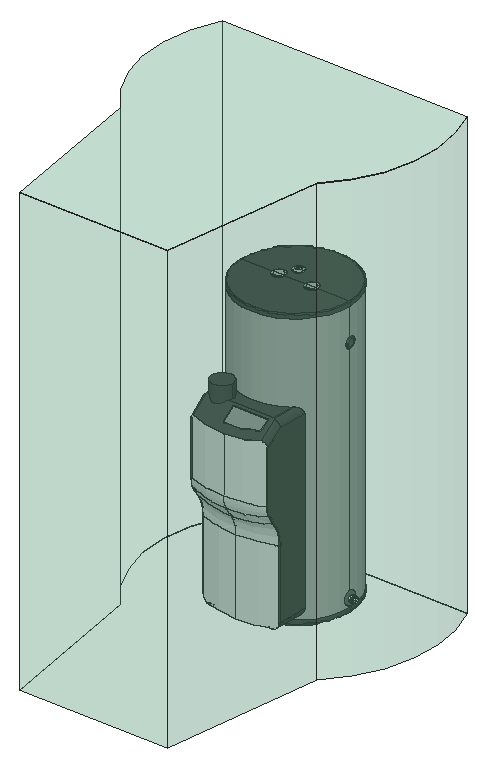
Revit family "Innovo BEFR_IR 12 200 BEFR LP", category Mechanical Equipment, Revit 2015
Parameters (values of type "IR-12-200 BEFR LP")
  largeur d'emballage = 786 mm  # constant formula
  l'Intervalle d'Entretien = "12 mois"  # constant formula
  Workspace Radius = Diameter + 170 mm  # 845 mm
  Workspace Height = Hauteur + 1000 mm  # 2745 mm
  Workspace Front Distance = 1000 mm
  Workspace [instance] = yes
  Valve Height 02 = if(and(Hauteur = 1745 mm, Diameter = 675 mm), 1518 mm, if(and(Hauteur = 1745 mm, Diameter = 610 mm), 1534 mm, if(Hauteur = 1545 mm, 1328 mm, 1070 mm)))  # 1518 mm
  Valve Height 01 = if(and(Diameter > 560 mm), 693 mm, 604 mm)  # 693 mm
  Valeur Maximale du Thermostat de Régulation = 85 °C  # constant formula
  Valeur Manimale du Thermostat de Régulation = 40 °C  # constant formula
  Valeur Défaut du Thermostat de Régulation = 65 °C  # constant formula
  URL = "www.aosmith.be"
  Type d'Installation = "B23/C13/C33/C43/C53/C63"  # constant formula
  Type d'emballage = "Carton et bois"  # constant formula
  Tension d'Alimentation (-15%, +10%) = 230 V  # constant formula
  Température Maximale des Fumées = 65 °C
  Temps de réchauffement à ΔT = 70°C = "50"
  Temps de réchauffement à ΔT = 55°C = "39"
  Temps de réchauffement à ΔT = 50°C = "36"
  Temps de réchauffement à ΔT = 44°C = "31"
  Temps de réchauffement à ΔT = 28°C = "20"
  Spécifications du Produit = ""
  Réglages du thermostat du chauffe-eau = 65 °C  # constant formula
  Réglage Standard Pour = "G20/G25"
  Rendement Saisonnier (Hs) = [Rendement (Hs, acc. NEN-EN 89 - 1999)]  # 97
  Rendement (Hs, acc. NEN-EN 89 - 1999) = 97
  Rendement (Hi, acc. NEN-EN 89 - 1999) = 108
  Raccord Évacuation de la Condensation = 40 mm  # constant formula
  Raccord de la Soupape de Vidange = 1"
  Raccord de Sortie d'Eau Chaude = 1"
  Raccord de Gaz = 15"  # constant formula
  Raccord d'Alimentation en Eau Froide = 3/4"  # constant formula
  Raccord Robinet de Vidange = 3/4"  # constant formula
  Puissance Électrique Absorbée (sommet) = 105 W
  Puissance Électrique Absorbée (nominal) = 85 W
  Profondeur d'emballage = 946 mm  # constant formula
  Profondeur = 780 mm  # constant formula
  Profils de soutirage déclaré = "XXL"
  Production Nominale = "31300.0/26000.0"
  Pression de Fonctionnement Maximale = 800000.0 Pa  # constant formula
  Pression Différentielle d'Ouverture de l'Interrupteur de Pression < = 210.0 Pa
  Pression Amont de Gaz = "2000/2500 Pa"
  Precaustions during assembling, installation or maintenance = "voir Manuel d'installation, d'emploi er d'entretien"  # constant formula
  Poids à vide = 155 kg
  Poids de Transport = 172 kg
  Phase = 1
  Pertes en Veille - tous les jours (24h) = 0 W
  Pertes en Veille = 0 W
  Nombre de modèle du produit (EAN) = "8717449286378"
  Niveau du Son dB (A) = "<45"  # constant formula
  Niveau de puissance acoustique à l'intérieur = "58 dB"
  NOx-émissions mg/kWh = "37.0/27.0"
  NOx-émissions (ven air, 0% O2) ppm = "24.0/17.0"
  Modèdele = "IR-32-380"
  Model = "IR-32-380 FR NAT"
  Marque commerciale = "A.O. Smith"  # constant formula
  Manufacturer = "A.O. Smith Water Products Company b.v."  # constant formula
  Largeur = Diameter  # 675 mm
  La commande intelligente = no
  L'efficacité énergétique pour le chauffage de l'eau (2) = "92%"
  L'efficacité énergétique pour le chauffage de l'eau (1) = "90%"
  Hauteur du Raccordement au Gaz = 905 mm
  Hauteur de la Sortie d'eau Chaude = 1745 mm
  Hauteur de l'Alimentation en eau Froide = 170 mm
  Hauteur d'emballage = 1895 mm
  Hauteur Conduit d'Évacuation des Fumées = 1350 mm
  Hauteur Conduit d'Alimentation en Air = 1350 mm
  Hauteur = 1745 mm
  Guide de Produit = ""
  Garantie sur la Cuve = "36 mois"  # constant formula
  Garantie Pièces = "12 mois"  # constant formula
  Fréquence secteur = 50 Hz  # constant formula
  Forctionner qu'en heures creuses = no
  Fabricant No. = "E 7110"  # constant formula
  Epaisseur d'Isolation = 44 mm
  Débit de vidage à ΔT = 70°C après 90 min. = 840.0 L
  Débit de vidage à ΔT = 70°C après 60 min. = 650.0 L
  Débit de vidage à ΔT = 70°C après 30 min. = 460.0 L
  Débit de vidage à ΔT = 70°C après 120 min. = 1100.0 L
  Débit de vidage à ΔT = 55°C après 90 min. = 1100.0 L
  Débit de vidage à ΔT = 55°C après 60 min. = 860.0 L
  Débit de vidage à ΔT = 55°C après 30 min. = 610.0 L
  Débit de vidage à ΔT = 55°C après 120 min. = 1400.0 L
  Débit de vidage à ΔT = 50°C après 90 min. = 1300.0 L
  Débit de vidage à ΔT = 50°C après 60 min. = 950.0 L
  Débit de vidage à ΔT = 50°C après 30 min. = 680.0 L
  Débit de vidage à ΔT = 50°C après 120 min. = 1500.0 L
  Débit de vidage à ΔT = 44°C après 90 min. = 1400.0 L
  Débit de vidage à ΔT = 44°C après 60 min. = 1100.0 L
  Débit de vidage à ΔT = 44°C après 30 min. = 790.0 L
  Débit de vidage à ΔT = 44°C après 120 min. = 1800.0 L
  Débit de vidage à ΔT = 28°C après 90 min. = 2300.0 L
  Débit de vidage à ΔT = 28°C après 60 min. = 1800.0 L
  Débit de vidage à ΔT = 28°C après 30 min. = 1300.0 L
  Débit de vidage à ΔT = 28°C après 120 min. = 2800.0 L
  Débit de vidage en Continu à ΔT = 70°C = 380.0 L/s
  Débit de vidage en Continu à ΔT = 55°C = 480.0 L/s
  Débit de vidage en Continu à ΔT = 50°C = 530.0 L/s
  Débit de vidage en Continu à ΔT = 44°C = 600.0 L/s
  Débit de vidage en Continu à ΔT = 28°C = 960.0 L/s
  Diamètre Cheminée - Système Parallèle = "2x80"  # constant formula
  Diamètre Cheminée - Système Concentrique = "80/125 mm/mm"  # constant formula
  Diamètre Cheminée - Boiler = "80/125 mm/mm"  # constant formula
  Diameter = 675 mm
  Destination / Country = "Belgique"  # constant formula
  Description = "Préparateur ECS Solaire en Combinaison avec Réservoir de Stockage"  # constant formula
  D'autres profils de soutirage = "3XL"
  Created By = "http://www.cadcompany.nl/"
  Consommation de Gaz - Volume ltr/hr = "3.10/3.00"
  Consommation de Gaz - Masse kg/h = "a/p"
  Class d'efficacité énergétique (2) = "-"
  Class d'efficacité énergétique (1) = "A"  # constant formula
  Charge Nominale (Valeur Supérieure) = "32200.0/26800.0"
  Charge Nominale (Valeur Inférieure) = "29000.0/24100.0"
  Charge Maximale au Sol = 552 kg
  Catégorie de Gaz = "I2E(S)B"
  Capacité = 380.0 L
  CO2 Émissions (tol. +/- 1.0) vol% = "9.3/7.5"
  CE-PIN = "0063CQ3037"  # constant formula
  BIM Content Developer = "CAD & Company"  # constant formula
  Assembly Code = "D3010"
  Annual fuel consumption (2) = "40 GJ GCV"
  Annual fuel consumption (1) = "21 GJ GCV"
  Annual electricity consumption (2) = "92 kWh"
  Annual electricity consumption (1) = "45 kWh"
  2ème Entretien (Entretien Général) = "12 mois après l'installation"  # constant formula
  1er Entretien (check-up) = "3 mois après l'installation"  # constant formula
Reference planes
  plane 1 "Center (Front/Back)": y = 0
  plane 2: z = 0
  plane 3 "Center (Left/Right)": x = 0
  plane 4 "Pipe": through (-383.901, 912.349, 194.799) normal (-0.0879, -0.0879, 0.9923)
  plane 5 "footing": y = 118.925
  plane 6 "footing front": y = -237.85
  plane 7: x = -337.5
  plane 8: x = 337.5
  plane 9: z = 1745
Forms (mm)
  Revolve 1, solid, material "RAL 9005", detail levels medium+fine
    sketch origin (0, -237.85, 0) x (-1, 0, 0) y (0, 0, 1)
      loop
        line (0, 28.9) -> (-15, 28.9) -> (-15, 26.4) -> (-8.671, 26.4) -> (-8.671, 18) -> (-5.686, 18) -> (-6.626, 17.06) -> (-6.626, 12.06) -> (-8.671, 12.06) -> (-8.671, 10) -> (-10.031, 10) -> (-23.271, 5.181)
        arc (-23.271, 5.181) -> (-23.763, 4.836) -> (-24.017, 4.293) r 1.159
        line (-24.017, 4.293) -> (-24.017, 1.03)
        arc (-24.017, 1.03) -> (-23.715, 0.302) -> (-22.986, 0) r 1.03
        line (-22.986, 0) -> (0, 0) -> (0, 28.9)
      axis (0, 28.9) -> (0, 0)
    angle from 0 to 360
  Revolve 2, solid, material "RAL 9005", detail levels medium+fine
    sketch origin (0, 118.925, 0) x (-1, 0, 0) y (0, 0, 1)
      loop
        line (-238.484, 28.9) -> (-253.484, 28.9) -> (-253.484, 26.4) -> (-247.155, 26.4) -> (-247.155, 18) -> (-244.17, 18) -> (-245.11, 17.06) -> (-245.11, 12.06) -> (-247.155, 12.06) -> (-247.155, 10) -> (-248.515, 10) -> (-261.756, 5.181)
        arc (-261.756, 5.181) -> (-262.247, 4.836) -> (-262.501, 4.293) r 1.159
        line (-262.501, 4.293) -> (-262.501, 1.03)
        arc (-262.501, 1.03) -> (-262.199, 0.302) -> (-261.471, 0) r 1.03
        line (-261.471, 0) -> (-238.484, 0) -> (-238.484, 28.9)
      axis (-238.484, 28.9) -> (-238.484, 0)
    angle from 0 to 360
  Revolve 3, solid, material "RAL 9005", detail levels medium+fine
    sketch origin (0, 118.925, 0) x (-1, 0, 0) y (0, 0, 1)
      loop
        line (236.516, 28.9) -> (221.516, 28.9) -> (221.516, 26.4) -> (227.845, 26.4) -> (227.845, 18) -> (230.83, 18) -> (229.89, 17.06) -> (229.89, 12.06) -> (227.845, 12.06) -> (227.845, 10) -> (226.485, 10) -> (213.244, 5.181)
        arc (213.244, 5.181) -> (212.753, 4.836) -> (212.499, 4.293) r 1.159
        line (212.499, 4.293) -> (212.499, 1.03)
        arc (212.499, 1.03) -> (212.801, 0.302) -> (213.529, 0) r 1.03
        line (213.529, 0) -> (236.516, 0) -> (236.516, 28.9)
      axis (236.516, 28.9) -> (236.516, 0)
    angle from 0 to 360
Lines and regions (mm)
  symbolic lines
    curve 1: line (0, 280.06, 0) -> (0, -280.06, 0)
    curve 2: line (-312.56, 0, 0) -> (312.56, 0, 0)
  symbolic lines, style "Workspace"
    curve 3: line (754.705, 380.06, 0) -> (-754.705, 380.06, 0)
    curve 4: arc (-754.705, 380.06, 0) -> (-842.687, -62.476, 0) -> (-690.406, -487.2, 0) r 845
    curve 5: line (-690.406, -487.2, 0) -> (-454.283, -1552.825, 0)
    curve 6: line (-454.283, -1552.825, 0) -> (456.53, -1552.825, 0)
    curve 7: line (456.53, -1552.825, 0) -> (692.083, -484.816, 0)
    curve 8: arc (692.083, -484.816, 0) -> (842.794, -61.023, 0) -> (754.705, 380.06, 0) r 845
Dimensions and locks
  plane 5 "footing" to plane 1 "Center (Front/Back)" = 118.925 mm
  plane 1 "Center (Front/Back)" to plane 6 "footing front" = 237.85 mm
  "Diameter": plane 7 to plane 8
  equal spacing: plane 7, plane 3 "Center (Left/Right)", plane 8
  "Hauteur": plane 9 to plane 2
  "Workspace Front Distance": curve 6 to nested 3
  "Workspace Radius": radius of curve 4
  "Workspace Radius": radius of curve 8
  aligned and locked: level to plane 2
  aligned and locked: nested 3 to Revolve 1 sketch curve
  aligned and locked: plane 3 "Center (Left/Right)" to Revolve 1 sketch curve
  aligned and locked: nested 3 to plane 1 "Center (Front/Back)"
  aligned and locked: plane 3 "Center (Left/Right)" to nested 3
  aligned and locked: nested 1 to plane 8
  aligned and locked: nested 5 to plane 8
  aligned and locked: nested 2 to plane 7
  aligned and locked: nested 4 to plane 7
  aligned and locked: nested 7 to plane 7
  aligned and locked: nested 8 to plane 3 "Center (Left/Right)"
  aligned and locked: plane 1 "Center (Front/Back)" to nested 8
  aligned and locked: nested 8 to nested 3
  aligned and locked: curve 3 to nested 8
Automatic sketch dimensions
  Revolve 1 sketch curve to level = 0 mm
  plane 3 "Center (Left/Right)" to Revolve 1 sketch curve = 5.686 mm
  Revolve 1 sketch curve to Revolve 1 sketch curve = 0.94 mm  (x2)
  Revolve 1 sketch curve to Revolve 1 sketch curve = 2.046 mm  (x2)
  Revolve 1 sketch curve to Revolve 1 sketch curve = 1.359 mm
  Revolve 1 sketch curve to Revolve 1 sketch curve = 6.329 mm
  level to Revolve 1 sketch curve = 4.091 mm
  Revolve 1 sketch curve to Revolve 1 sketch curve = 12.844 mm
  level to Revolve 1 sketch curve = 1.03 mm
  Revolve 1 sketch curve to Revolve 1 sketch curve = 0.111 mm
  level to Revolve 1 sketch curve = 5.181 mm
  Revolve 1 sketch curve to Revolve 1 sketch curve = 0.745 mm
  level to Revolve 1 sketch curve = 10 mm
  Revolve 1 sketch curve to Revolve 1 sketch curve = 2.06 mm
  Revolve 1 sketch curve to Revolve 1 sketch curve = 5 mm
  Revolve 1 sketch curve to Revolve 1 sketch curve = 8.4 mm
  Revolve 1 sketch curve to Revolve 1 sketch curve = 2.5 mm
  Revolve 1 sketch curve to level = 19.635 mm
  Revolve 1 sketch curve to Revolve 1 sketch curve = 46.465 mm
  Revolve 2 sketch curve to level = 0 mm
  level to Revolve 2 sketch curve = 1.03 mm
  Revolve 2 sketch curve to plane 8 = 74.999 mm
  level to Revolve 2 sketch curve = 5.181 mm
  Revolve 2 sketch curve to Revolve 2 sketch curve = 0.745 mm
  Revolve 2 sketch curve to Revolve 2 sketch curve = 0.397 mm
  Revolve 2 sketch curve to Revolve 2 sketch curve = 8.271 mm
  Revolve 2 sketch curve to Revolve 2 sketch curve = 13.241 mm
  Revolve 2 sketch curve to Revolve 2 sketch curve = 1.359 mm
  Revolve 2 sketch curve to Revolve 2 sketch curve = 6.329 mm
  Revolve 2 sketch curve to Revolve 2 sketch curve = 2.046 mm
  level to Revolve 2 sketch curve = 18 mm
  Revolve 2 sketch curve to Revolve 2 sketch curve = 0.94 mm  (x2)
  Revolve 2 sketch curve to Revolve 2 sketch curve = 8.671 mm
  Revolve 2 sketch curve to Revolve 2 sketch curve = 1.089 mm
  Revolve 2 sketch curve to Revolve 2 sketch curve = 8 mm
  Revolve 2 sketch curve to Revolve 2 sketch curve = 2.06 mm
  Revolve 2 sketch curve to Revolve 2 sketch curve = 8.4 mm
  Revolve 2 sketch curve to Revolve 2 sketch curve = 2.5 mm
  Revolve 2 sketch curve to Revolve 2 sketch curve = 0 mm
  Revolve 2 sketch curve to level = 19.635 mm
  Revolve 2 sketch curve to Revolve 2 sketch curve = 46.465 mm
  Revolve 3 sketch curve to level = 0 mm
  level to Revolve 3 sketch curve = 1.03 mm
  Revolve 3 sketch curve to plane 7 = 125.001 mm
  level to Revolve 3 sketch curve = 5.181 mm
  Revolve 3 sketch curve to Revolve 3 sketch curve = 0.745 mm
  Revolve 3 sketch curve to Revolve 3 sketch curve = 0.397 mm
  Revolve 3 sketch curve to Revolve 3 sketch curve = 8.271 mm
  Revolve 3 sketch curve to Revolve 3 sketch curve = 13.241 mm
  Revolve 3 sketch curve to Revolve 3 sketch curve = 1.359 mm
  Revolve 3 sketch curve to Revolve 3 sketch curve = 6.329 mm
  Revolve 3 sketch curve to Revolve 3 sketch curve = 2.046 mm
  level to Revolve 3 sketch curve = 18 mm
  Revolve 3 sketch curve to Revolve 3 sketch curve = 0.94 mm  (x2)
  Revolve 3 sketch curve to Revolve 3 sketch curve = 8.671 mm
  Revolve 3 sketch curve to Revolve 3 sketch curve = 1.089 mm
  Revolve 3 sketch curve to Revolve 3 sketch curve = 8 mm
  Revolve 3 sketch curve to Revolve 3 sketch curve = 2.06 mm
  Revolve 3 sketch curve to Revolve 3 sketch curve = 8.4 mm
  Revolve 3 sketch curve to Revolve 3 sketch curve = 2.5 mm
  Revolve 3 sketch curve to Revolve 3 sketch curve = 0 mm
  Revolve 3 sketch curve to level = 19.635 mm
  Revolve 3 sketch curve to Revolve 3 sketch curve = 46.465 mm
  curve 4 to curve 8 = 0 mm  (x2)
  plane 1 "Center (Front/Back)" to curve 2 = 0 mm
  curve 1 to plane 3 "Center (Left/Right)" = 0 mm
  plane 1 "Center (Front/Back)" to curve 4 = 0 mm
  curve 4 to plane 3 "Center (Left/Right)" = 0 mm
  curve 5 to plane 6 "footing front" = 249.35 mm
  plane 7 to curve 5 = 116.783 mm
  plane 8 to curve 7 = 119.03 mm
  curve 7 to plane 6 "footing front" = 246.966 mm
  curve 2 to plane 7 = 24.94 mm
  curve 2 to plane 8 = 24.94 mm
  curve 1 to plane 6 "footing front" = 42.21 mm
  plane 5 "footing" to curve 1 = 161.135 mm
Nested families
  nested 1: "Valve" at (337.5, -0.38, 1518) x (0, 1, 0) z (0, 0, 1), built-in parameter 1001364 <- "Valve Height 02", type "Valve"
  nested 2: "Drain Valve" at (-337.5, 0, 1518), built-in parameter 1001364 <- "Valve Height 02", type "Drain Valve"
  nested 3: "Housing Mother Housing S 57 (external)" at (0, -334.886, 0), type "Housing Mother_Housing S_57"
    with radius 337.5 mm, distance to boiler center 189 mm, diameter 675 mm
  nested 4: "Drain Valve" at (-337.5, 0, 177), type "Drain Valve"
  nested 5: "Drain Valve" at (337.5, 0, 107) x (-1, 0, 0) z (0, 0, 1), type "Drain Valve"
  nested 6: "Boiler" at (0, 0, 0), height <- "Hauteur", type "Boiler"
    with height 1745 mm, radius 337.5 mm, Diameter 675 mm
  nested 7: "Drain Valve" at (-337.5, 0, 693), built-in parameter 1001364 <- "Valve Height 01", type "Drain Valve"
  nested 8: "Innovo_workspace" at (0, 0, 0), Workspace <- "Workspace", Workspace Distance Front <- "Workspace Front Distance", Workspace Height <- "Workspace Height", Workspace Radius <- "Workspace Radius", type "Workspace"
    with Workspace Radius 845 mm, Workspace Height 2745 mm, Workspace Distance Front 1000 mm, Workspace yes, Center to Front 552.825 mm
Connectors
  piping at (372.326, 0, 107), diameter 19.05, driven by "Raccord Robinet de Vidange"
    settings: on nested 5, index 1, connector inside diameter 24", connector length 0 mm, flow factor 0, pipe flow 0.0 L/s, pressure drop 0.0 Pa, fitting loss kfactor 0, connector angle 0.00°, fixture units 0, engagement length 0 mm, angle of deflection 0.00°, flow configuration 0, flow direction 0, fitting loss method 0, system type 19, joint type 0, gender type 0, connector reference index -1, connector utility 0, adjustable connector no, is connector primary yes, connector description ""
  hvac at (-147.013, -381.326, 1310.674)
    settings: on nested 3, index 2, duct flow 0.0 L/s, flow factor 0, pres drop 0.0 Pa, loss coef 0, conn angle 0.00°, conn width 304.8 mm, conn height 304.8 mm, conn diameter 125 mm, duct sys type 4, conn prof type 0, flow config 0, flow direction 0, loss method 0, conn ref index -1, conn util no, is conn primary yes, conn desc ""
Definition of nested family "Valve"
  Parameters (values of type "Valve")
    Type Comments = "T&P valve (internal)"
    Manufacturer = "A.O. Smith"
  Reference planes
    plane 1 "Center (Front/Back)": y = 0
    plane 2: z = 0
    plane 3 "Center (Left/Right)": x = 0
  Forms (mm)
    Extrusion 1, solid, detail levels fine
      sketch origin (0, 0, 0) x (1, 0, 0) y (0, 0, 1)
        loop
          circle (0, 0) r 31.5
      from -2.271 to 1.4
    Sweep 2, solid, detail levels fine
      path origin (0, -1.4, 0) x (1, 0, 0) y (0, 0, 1)
        loop
          circle (0, 0) r 31.5
      profile origin (0, -1.4, 31.5) x (0, 0, -1) y (0, -1, 0)
        loop
          line (7.3, 0) -> (7.3, 3) -> (0, 0) -> (7.3, 0)
  Dimensions and locks
    aligned and locked: level to plane 2
Definition of nested family "Drain Valve"
  Reference planes
    plane 1 "Center (Front/Back)": y = 0
    plane 2: z = 0
    plane 3 "Center (Left/Right)": x = 0
  Forms (mm)
    Revolve 1, solid, detail levels medium+fine
      sketch origin (0, 0, 0) x (1, 0, 0) y (0, 0, 1)
        loop
          line (-33.442, 15.696) -> (-34.826, 14.329) -> (-34.93, 12.731) -> (-16.555, 12.731) -> (-16.555, 0) -> (15.787, 0) -> (15.787, 18.3) -> (-14.4, 18.3) -> (-17.148, 15.533) -> (-18.729, 16.697) -> (-20.091, 15.333) -> (-21.672, 16.496) -> (-23.034, 15.133) -> (-24.614, 16.296) -> (-25.976, 14.932) -> (-27.557, 16.096) -> (-28.919, 14.732) -> (-30.5, 15.896) -> (-31.862, 14.532) -> (-33.442, 15.696)
        axis (-34.93, 0) -> (15.787, 0)
      angle from 0 to 360
  Dimensions and locks
    aligned and locked: level to plane 2
  Nested families
    nested 1: "Rubber sealing" at (2.592, -0.155, 0) x (0.0023, -1, 0) z (0, 0, 1), type "Rubber sealing", detail levels fine
  Definition of nested family "Rubber sealing"
    Reference planes
      plane 1 "Center (Front/Back)": y = 0
      plane 2: z = 0
      plane 3 "Center (Left/Right)": x = 0
    Forms (mm)
      Extrusion 1, solid, detail levels fine
        sketch origin (141.861, 319.581, 0) x (1, 0, 0) y (0, 1, 0)
          loop
            line (-216.354, -311.898) -> (-216.354, -313.94)
            arc (-216.354, -313.94) -> (-141.602, -321.581) -> (-66.861, -313.835) r 366.966
            line (-66.861, -313.835) -> (-66.861, -311.791)
            arc (-66.861, -311.791) -> (-141.602, -319.581) -> (-216.354, -311.898) r 364.966
        from -80 to 80
      Extrusion 2, void
        sketch origin (141.861, 319.581, 0) x (1, 0, 0) y (0, 0, 1)
          loop
            circle (-141.861, 0) r 13
          loop
            circle (-141.861, 0) r 110
          loop
            circle (-141.861, 0) r 40
        from 311.563 to 332.684
      Extrusion 3, void
        sketch origin (141.861, 319.581, 0) x (1, 0, 0) y (0, 0, 1)
          loop
            circle (-141.861, 0) r 18.25
        from 315.524 to 326.084
    Cuts and joins
      Extrusion 2, Extrusion 3 cuts Extrusion 1
    Dimensions and locks
      aligned and locked: level to plane 2
Definition of nested family "Housing Mother Housing S 57 (external)"
  Parameters (values of type "Housing Mother_Housing S_57")
    radius [instance] = 280 mm
    distance to boiler center = if(diameter = 675 mm, 189 mm, if(diameter = 610 mm, 154 mm, 129 mm))  # 129 mm
    diameter = 560 mm
  Reference planes
    plane 1 "Center (Front/Back)": y = 0
    plane 2: z = 0
    plane 3 "Center (Left/Right)": x = 0
    plane 4 "left": through (-245.286, 145.886, 1200) normal (0.9994, 0.0349, 0)
    plane 5: y = -217.939
    plane 6: y = 145.886
    plane 7: z = 1232.6
    plane 8: z = 65.89
    plane 9 "right": through (245.286, 145.886, 1200) normal (0.9994, -0.0349, 0)
    plane 10 "display": through (0, -90.37, 1221.196) normal (0, -0.5736, 0.8192)
    plane 11 "Potentiostat": z = 867.899
    plane 12 "boiler center": y = 274.886
    plane 13: x = -280
    plane 14: x = 280
  Forms (mm)
    Extrusion 1, solid
      sketch origin (0, 0, 0) x (1, 0, 0) y (0, 1, 0)
        loop
          line (-245.286, 145.886) -> (-232.581, -217.939) -> (232.581, -217.939) -> (245.286, 145.886)
          arc (245.286, 145.886) -> (0, 0.923) -> (-245.286, 145.886) r 280
      from 0 to 1232.6
    Sweep 2, void
      path origin (0, 0, 0) x (0, 1, 0) y (0, 0, 1)
        loop
          line (-217.939, 1232.6) -> (-217.939, 795.555)
          arc (-217.939, 795.555) -> (-212.387, 754.285) -> (-197.694, 715.322) r 183.924
          arc (-197.694, 715.322) -> (-179.915, 684.628) -> (-159.106, 655.901) r 348.284
          arc (-159.106, 655.901) -> (-131.411, 600.328) -> (-121.88, 538.973) r 202.254
          line (-121.88, 538.973) -> (-121.88, 61.106)
      profile origin (0, -217.939, 1014.077) x (1, 0, 0) y (0, 1, 0)
        loop
          arc (0, 0) -> (-117.533, 9.941) -> (-231.728, 39.475) r 699.984
          arc (-231.728, 39.475) -> (-233.391, 40.705) -> (-234.07, 42.659) r 3.505
          line (-234.07, 42.659) -> (-254.062, 42.659) -> (-254.062, -142.593) -> (254.07, -142.593) -> (254.07, 42.659) -> (234.07, 42.659)
          arc (234.07, 42.659) -> (233.391, 40.705) -> (231.728, 39.475) r 3.505
          arc (231.728, 39.475) -> (117.533, 9.941) -> (0, 0) r 699.984
    Extrusion 3, void
      sketch origin (0, 0, 0) x (0, 1, 0) y (0, 0, 1)
        loop
          arc (102.864, 70.869) -> (99.804, 70.709) -> (96.874, 69.813) r 12.57
          arc (96.874, 69.813) -> (87.878, 66.533) -> (78.516, 64.529) r 69.114
          arc (78.516, 64.529) -> (76.41, 64.284) -> (74.294, 64.148) r 41.206
          arc (74.294, 64.148) -> (65.203, 64.335) -> (56.122, 64.782) r 318.661
          arc (56.122, 64.782) -> (30.585, 66.179) -> (5.028, 67.128) r 1456.581
          line (5.028, 67.128) -> (-84.534, 73.135)
          arc (-84.534, 73.135) -> (-86.363, 73.808) -> (-87.536, 75.365) r 3.455
          line (-87.536, 75.365) -> (-264.473, 75.365) -> (-264.473, 0) -> (160.886, 0) -> (160.886, 103.945) -> (145.886, 103.945)
          arc (145.886, 103.945) -> (145.104, 97.827) -> (142.923, 92.059) r 26.364
          arc (142.923, 92.059) -> (141.067, 88.936) -> (138.867, 86.045) r 31.715
          arc (138.867, 86.045) -> (135.576, 82.49) -> (132.021, 79.2) r 62.615
          arc (132.021, 79.2) -> (125.841, 74.697) -> (119.091, 71.103) r 54.444
          arc (119.091, 71.103) -> (116.371, 70.272) -> (113.531, 70.123) r 11.669
          line (113.531, 70.123) -> (102.864, 70.869)
      from -254.062 to 254.07
    Sweep 4, void
      path origin (0, 0, 0) x (1, 0, 0) y (0, 1, 0)
        loop
          line (-245.286, 145.886) -> (-232.581, -217.939)
      profile origin (-238.933, -36.027, 0) x (0.999391, 0.034899, 0) y (0, 0, 1)
        loop
          line (-4.454, 0) -> (47.084, 0) -> (47.084, 73.431)
          arc (47.084, 73.431) -> (14.222, 85.134) -> (0.255, 117.1) r 43.922
          line (0.255, 117.1) -> (-4.454, 117.1) -> (-4.454, 0)
    Sweep 5, void
      path origin (0, 0, 0) x (-1, 0, 0) y (0, 1, 0)
        loop
          line (-245.286, 145.886) -> (-232.581, -217.939)
      profile origin (238.933, -36.027, 0) x (0.999391, -0.034899, 0) y (0, 0, 1)
        loop
          line (4.454, 0) -> (4.454, 117.1) -> (-0.255, 117.1)
          arc (-0.255, 117.1) -> (-14.222, 85.134) -> (-47.084, 73.431) r 43.922
          line (-47.084, 73.431) -> (-47.084, 0) -> (4.454, 0)
    Sweep 6, void
      path origin (-239.899, -8.377, 0) x (-0.034899, 0.999391, 0) y (0, 0, 1)
        loop
          line (-209.69, 1141.272) -> (-79.18, 1232.6) -> (154.358, 1232.6)
      profile origin (-241.211, 29.188, 1232.6) x (0, 0, 1) y (0.999391, 0.034899, 0)
        loop
          line (-45, -30) -> (75, -30) -> (75, 0) -> (75, 55) -> (2.799, 55) -> (-1.253, 35.128)
          arc (-1.253, 35.128) -> (-16.771, 9.564) -> (-45, -0.308) r 44.287
          line (-45, -0.308) -> (-45, -30)
    Sweep 7, void
      path origin (239.899, -8.377, 0) x (0.034899, 0.999391, 0) y (0, 0, 1)
        loop
          line (-209.69, 1141.272) -> (-79.18, 1232.6) -> (154.358, 1232.6)
      profile origin (241.211, 29.188, 1232.6) x (0, 0, -1) y (-0.999391, 0.034899, 0)
        loop
          line (-75, -25) -> (45, -25) -> (45, -0.308)
          arc (45, -0.308) -> (16.771, 9.564) -> (1.253, 35.128) r 44.287
          line (1.253, 35.128) -> (-2.799, 55) -> (-75, 55) -> (-75, -25)
    Extrusion 8, void
      sketch origin (0, 0, 0) x (0, 1, 0) y (0, 0, 1)
        loop
          line (-270, 1336.099) -> (-270, 1099.081) -> (68.497, 1336.099) -> (-270, 1336.099)
      from -425.038 to 444.42
    Extrusion 9, solid, detail levels medium+fine
      sketch origin (0, 0, 0) x (1, 0, 0) y (0, 1, 0)
        loop
          circle (-147.013, -46.44) r 65
      from 1163.174 to 1310.674
    Extrusion 10, void
      sketch origin (0, -603.506, 861.895) x (0, 0.819152, 0.573576) y (-1, 0, 0)
        loop
          arc (618.322, -173) -> (623.272, -170.95) -> (625.322, -166) r 7
          line (625.322, -166) -> (625.322, 35)
          arc (625.322, 35) -> (623.272, 39.95) -> (618.322, 42) r 7
          line (618.322, 42) -> (535.473, 42)
          arc (535.473, 42) -> (530.688, 40.11) -> (528.488, 35.46) r 7
          arc (528.488, 35.46) -> (531.569, -67.592) -> (554.18, -168.18) r 540
          arc (554.18, -168.18) -> (556.724, -171.668) -> (560.831, -173) r 7
          line (560.831, -173) -> (618.322, -173)
      from 0 to 137.286
    Sweep 11, solid, detail levels fine
      path origin (0, 0, 867.899) x (-1, 0, 0) y (0, -1, 0)
        loop
          line (309.749, -35.617) -> (204.371, -35.617)
          arc (204.371, -35.617) -> (196.509, -34.687) -> (189.082, -31.947) r 33.677
          line (189.082, -31.947) -> (-9.574, 69.274)
      profile origin (-257.06, 35.617, 867.899) x (0, 1, 0) y (0, 0, 1)
        loop
          circle (0, 0) r 7.316
        loop
          circle (0, 0) r 6.465
    Revolve 12, void
      sketch origin (0, 274.886, 0) x (-1, 0, 0) y (0, 0, 1)
        loop
          line (280, 1243.838) -> (0, 1243.838) -> (0, 54.9) -> (280, 54.9) -> (280, 1243.838)
        axis (0, 1243.838) -> (0, 54.9)
      angle from 0 to 360
  Cuts and joins
    Sweep 2, Extrusion 3, Sweep 4, Sweep 5, Sweep 6, Sweep 7, Extrusion 8, Extrusion 10, Revolve 12 cuts Extrusion 1
  Dimensions and locks
    plane 8 to plane 2 = 65.89 mm
    plane 7 to plane 8 = 1166.71 mm
    "distance to boiler center": plane 12 "boiler center" to plane 6
    "diameter": plane 14 to plane 13
    equal spacing: plane 14, plane 3 "Center (Left/Right)", plane 13
    "radius": plane 3 "Center (Left/Right)" to plane 13
    aligned and locked: level to plane 2
    aligned and locked: Extrusion 1 to plane 7
    aligned and locked: Extrusion 1 sketch curve to plane 5
    aligned and locked: Sweep 2 to Extrusion 3
    aligned and locked: Extrusion 3 to Sweep 2  (x2)
    aligned and locked: plane 7 to Sweep 2 sketch curve
    aligned and locked: plane 3 "Center (Left/Right)" to Revolve 12 sketch curve
    aligned and locked: Revolve 12 sketch curve to plane 3 "Center (Left/Right)"
    aligned and locked: plane 13 to Revolve 12 sketch curve
  Automatic sketch dimensions
    Extrusion 1 sketch curve to plane 4 "left" = 0 mm  (x2)
    Extrusion 1 sketch curve to plane 6 = 0 mm  (x2)
    Extrusion 1 sketch curve to plane 3 "Center (Left/Right)" = 0 mm
    Extrusion 1 sketch curve to plane 9 "right" = 0 mm
    plane 6 to Extrusion 1 sketch curve = 135.037 mm
    Sweep 2 sketch curve to plane 5 = 0 mm
    plane 5 to Sweep 2 sketch curve = 106.195 mm
    Sweep 2 sketch curve to plane 5 = 96.059 mm
    plane 1 "Center (Front/Back)" to Sweep 2 sketch curve = 34.053 mm
    plane 11 "Potentiostat" to Sweep 2 sketch curve = 6.417 mm
    Sweep 2 sketch curve to plane 6 = 33.705 mm
    Sweep 2 sketch curve to plane 11 "Potentiostat" = 68.615 mm
    Sweep 2 sketch curve to plane 11 "Potentiostat" = 72.345 mm
    Sweep 2 sketch curve to Sweep 2 sketch curve = 176.349 mm
    Sweep 2 sketch curve to Sweep 2 sketch curve = 0 mm  (x2)
    plane 8 to Sweep 2 sketch curve = 4.784 mm
    Extrusion 3 sketch curve to level = 0 mm
    Extrusion 3 sketch curve to plane 6 = 0 mm
    Extrusion 3 sketch curve to plane 6 = 26.363 mm
    Extrusion 3 sketch curve to Extrusion 3 sketch curve = 4.75 mm
    Extrusion 3 sketch curve to Extrusion 3 sketch curve = 5.179 mm
    Extrusion 3 sketch curve to plane 8 = 4.232 mm
    Extrusion 3 sketch curve to Extrusion 3 sketch curve = 0.814 mm
    Extrusion 3 sketch curve to plane 8 = 4.978 mm
    Extrusion 3 sketch curve to Extrusion 3 sketch curve = 10.667 mm
    Extrusion 3 sketch curve to Extrusion 3 sketch curve = 0.877 mm
    Extrusion 3 sketch curve to Extrusion 3 sketch curve = 17.827 mm
    Extrusion 3 sketch curve to Extrusion 3 sketch curve = 5.646 mm
    Extrusion 3 sketch curve to plane 6 = 69.562 mm
    Extrusion 3 sketch curve to Extrusion 3 sketch curve = 18.6 mm
    Extrusion 3 sketch curve to Extrusion 3 sketch curve = 22.538 mm
    Extrusion 3 sketch curve to plane 8 = 1.238 mm
    Extrusion 3 sketch curve to plane 1 "Center (Front/Back)" = 5.028 mm
    plane 1 "Center (Front/Back)" to Extrusion 3 sketch curve = 36.224 mm
    Extrusion 3 sketch curve to plane 8 = 10.692 mm
    plane 1 "Center (Front/Back)" to Extrusion 3 sketch curve = 84.302 mm
    Extrusion 3 sketch curve to plane 8 = 7.244 mm
    Extrusion 3 sketch curve to Extrusion 3 sketch curve = 0.231 mm
    Extrusion 3 sketch curve to Extrusion 3 sketch curve = 3.234 mm
    plane 5 to Extrusion 3 sketch curve = 46.534 mm
    plane 6 to Extrusion 3 sketch curve = 15 mm
    Extrusion 3 sketch curve to level = 1388.869 mm
    plane 8 to Extrusion 3 sketch curve = 7.561 mm
    Extrusion 3 sketch curve to Extrusion 3 sketch curve = 11.64 mm
    Extrusion 3 sketch curve to plane 8 = 38.054 mm
    Extrusion 3 sketch curve to Extrusion 3 sketch curve = 22.442 mm
    Extrusion 3 sketch curve to plane 8 = 39.432 mm
    Extrusion 3 sketch curve to Extrusion 3 sketch curve = 2.466 mm
    Extrusion 3 sketch curve to Extrusion 3 sketch curve = 14.17 mm
    Extrusion 3 sketch curve to Extrusion 3 sketch curve = 5.925 mm
    Extrusion 3 sketch curve to Extrusion 3 sketch curve = 6.186 mm
    Extrusion 3 sketch curve to Extrusion 3 sketch curve = 249.85 mm
    Extrusion 3 sketch curve to Extrusion 3 sketch curve = 0 mm  (x4)
    Extrusion 3 sketch curve to Extrusion 3 sketch curve = 6.845 mm
    plane 8 to Extrusion 3 sketch curve = 1.743 mm
    Sweep 4 sketch curve to plane 4 "left" = 0 mm  (x2)
    Sweep 4 sketch curve to plane 6 = 0 mm
    plane 5 to Sweep 4 sketch curve = 0 mm
    Sweep 4 sketch curve to level = 0 mm
    profile plane to Sweep 4 sketch curve = 4.454 mm
    Sweep 4 sketch curve to profile plane = 0.255 mm
    Sweep 4 sketch curve to Sweep 4 sketch curve = 43.922 mm
    Sweep 4 sketch curve to profile plane = 47.084 mm
    level to Sweep 4 sketch curve = 73.431 mm
    Sweep 4 sketch curve to Sweep 4 sketch curve = 43.669 mm
    Sweep 5 sketch curve to plane 6 = 0 mm
    Sweep 5 sketch curve to plane 9 "right" = 0 mm  (x2)
    plane 5 to Sweep 5 sketch curve = 0 mm
    Sweep 5 sketch curve to level = 0 mm
    profile plane to Sweep 5 sketch curve = 47.084 mm
    Sweep 5 sketch curve to Sweep 5 sketch curve = 2.907 mm
    profile plane to Sweep 5 sketch curve = 0.255 mm
    Sweep 5 sketch curve to profile plane = 4.454 mm
    level to Sweep 5 sketch curve = 73.431 mm
    Sweep 5 sketch curve to Sweep 5 sketch curve = 43.669 mm
    Sweep 6 sketch curve to plane 7 = 0 mm
    plane 7 to Sweep 6 sketch curve = 91.328 mm
    Sweep 6 sketch curve to Sweep 6 sketch curve = 130.509 mm
    Sweep 6 sketch curve to Sweep 6 sketch curve = 233.538 mm
    Sweep 6 sketch curve to plane 4 "left" = 0 mm
    profile plane to Sweep 6 sketch curve = 45 mm
    Sweep 6 sketch curve to Sweep 6 sketch curve = 0.354 mm
    profile plane to Sweep 6 sketch curve = 1.253 mm
    Sweep 6 sketch curve to profile plane = 2.799 mm
    Sweep 6 sketch curve to Sweep 6 sketch curve = 72.201 mm
    Sweep 6 sketch curve to plane 4 "left" = 0.308 mm
    Sweep 6 sketch curve to Sweep 6 sketch curve = 29.692 mm
    plane 4 "left" to Sweep 6 sketch curve = 35.128 mm
    plane 4 "left" to Sweep 6 sketch curve = 55 mm
    Sweep 7 sketch curve to plane 7 = 0 mm
    Sweep 7 sketch curve to plane 7 = 91.328 mm
    Sweep 7 sketch curve to Sweep 7 sketch curve = 130.509 mm
    Sweep 7 sketch curve to Sweep 7 sketch curve = 233.538 mm
    Sweep 7 sketch curve to plane 9 "right" = 25 mm
    profile plane to Sweep 7 sketch curve = 75 mm
    profile plane to Sweep 7 sketch curve = 2.799 mm
    Sweep 7 sketch curve to profile plane = 1.253 mm
    Sweep 7 sketch curve to Sweep 7 sketch curve = 43.393 mm
    Sweep 7 sketch curve to profile plane = 45 mm
    Sweep 7 sketch curve to plane 9 "right" = 0.308 mm
    plane 9 "right" to Sweep 7 sketch curve = 35.128 mm
    Sweep 7 sketch curve to Sweep 7 sketch curve = 19.872 mm
    plane 5 to Extrusion 8 sketch curve = 52.061 mm
    Extrusion 8 sketch curve to plane 1 "Center (Front/Back)" = 68.497 mm
    plane 7 to Extrusion 8 sketch curve = 133.519 mm
    Extrusion 8 sketch curve to plane 7 = 103.499 mm
    plane 1 "Center (Front/Back)" to Extrusion 9 sketch curve = 46.44 mm
    Extrusion 9 sketch curve to plane 3 "Center (Left/Right)" = 147.013 mm
    Extrusion 10 sketch curve to plane 3 "Center (Left/Right)" = 0 mm
    Extrusion 10 sketch curve to plane 3 "Center (Left/Right)" = 35 mm
    Extrusion 10 sketch curve to Extrusion 10 sketch curve = 25.359 mm
    Extrusion 10 sketch curve to Extrusion 10 sketch curve = 57.491 mm
    Extrusion 10 sketch curve to plane 3 "Center (Left/Right)" = 42 mm
    Extrusion 10 sketch curve to Extrusion 10 sketch curve = 82.85 mm
    Extrusion 10 sketch curve to Extrusion 10 sketch curve = 7 mm
    Extrusion 10 sketch curve to Extrusion 10 sketch curve = 442 mm
    plane 3 "Center (Left/Right)" to Extrusion 10 sketch curve = 166 mm
    Extrusion 10 sketch curve to Extrusion 10 sketch curve = 0 mm  (x2)
    Sweep 11 sketch curve to plane 1 "Center (Front/Back)" = 31.947 mm
    Sweep 11 sketch curve to plane 3 "Center (Left/Right)" = 189.082 mm
    Sweep 11 sketch curve to plane 1 "Center (Front/Back)" = 1.94 mm
    Sweep 11 sketch curve to Sweep 11 sketch curve = 15.289 mm
    plane 3 "Center (Left/Right)" to Sweep 11 sketch curve = 9.574 mm
    Sweep 11 sketch curve to Sweep 11 sketch curve = 105.378 mm
    plane 1 "Center (Front/Back)" to Sweep 11 sketch curve = 69.274 mm
    Sweep 11 sketch curve to Sweep 11 sketch curve = 0 mm  (x2)
    Sweep 11 sketch curve to plane 11 "Potentiostat" = 0 mm
    Sweep 11 sketch curve to profile plane = 0 mm
    plane 8 to Revolve 12 sketch curve = 10.99 mm
    Revolve 12 sketch curve to plane 7 = 11.238 mm
    Revolve 12 sketch curve to level = 366.045 mm
    Revolve 12 sketch curve to Revolve 12 sketch curve = 971.917 mm
    Sweep 2 sketch curve to plane 3 "Center (Left/Right)" = 0 mm
    profile plane to Sweep 2 sketch curve = 0 mm
    Sweep 2 sketch curve to plane 3 "Center (Left/Right)" = 0.016 mm
    Sweep 2 sketch curve to profile plane = 42.782 mm  (x2)
    Sweep 2 sketch curve to plane 3 "Center (Left/Right)" = 230.568 mm
    plane 3 "Center (Left/Right)" to Sweep 2 sketch curve = 0.016 mm
    plane 3 "Center (Left/Right)" to Sweep 2 sketch curve = 230.568 mm
    Sweep 2 sketch curve to Sweep 2 sketch curve = 3.502 mm  (x2)
    Sweep 2 sketch curve to Sweep 2 sketch curve = 20 mm
    profile plane to Sweep 2 sketch curve = 142.593 mm
    Sweep 2 sketch curve to Sweep 2 sketch curve = 0.122 mm  (x2)
    Sweep 2 sketch curve to Sweep 2 sketch curve = 657.203 mm
    Sweep 2 sketch curve to Sweep 2 sketch curve = 19.991 mm
    radius of Extrusion 9 sketch curve = 65 mm
    radius of Sweep 11 sketch curve = 7.316 mm
    radius of Sweep 11 sketch curve = 6.465 mm
  Nested families
    nested 1: "display" at (65.5, -130.939, 1192.79) x (-1, 0, 0) z (0, -0.5736, 0.8192), type "display"
  Definition of nested family "display"
    Parameters (values of type "display")
      Default Elevation = 1219.2 mm
    Reference planes
      plane 1 "Center (Front/Back)": y = 0
      plane 2: z = 0
      plane 3 "Center (Left/Right)": x = 0
    Forms (mm)
      Extrusion 1, solid, detail levels medium+fine
        sketch origin (-16.958, 11.842, -343.878) x (1, 0, 0) y (0, 0, -1)
          loop
            line (-233.523, -343.878) -> (-233.523, -346.592) -> (332.686, -346.592) -> (332.686, -343.878) -> (-233.523, -343.878)
        from -228.7 to 150.822
      Extrusion 2, void
        sketch origin (-16.958, 6.842, -343.878) x (1, 0, 0) y (0, 1, 0)
          loop
            line (-233.523, 155.822) -> (-233.523, -223.7) -> (332.686, -223.7) -> (332.686, 155.822) -> (-233.523, 155.822)
          loop
            arc (-90.542, -48.267) -> (-88.492, -53.216) -> (-83.542, -55.267) r 7
            line (-83.542, -55.267) -> (117.458, -55.267)
            arc (117.458, -55.267) -> (122.408, -53.216) -> (124.458, -48.267) r 7
            line (124.458, -48.267) -> (124.458, 34.583)
            arc (124.458, 34.583) -> (122.568, 39.368) -> (117.918, 41.568) r 7
            arc (117.918, 41.568) -> (14.866, 38.487) -> (-85.722, 15.876) r 540
            arc (-85.722, 15.876) -> (-89.21, 13.332) -> (-90.542, 9.224) r 7
            line (-90.542, 9.224) -> (-90.542, -48.267)
        from 328.878 to 363.083
    Cuts and joins
      Extrusion 2 cuts Extrusion 1
    Dimensions and locks
      aligned and locked: level to plane 2
Definition of nested family "Boiler"
  Parameters (values of type "Boiler")
    radius [instance] = 280 mm
    height [instance] = 1270 mm
    Diameter = 560 mm
  Reference planes
    plane 1 "Center (Front/Back)": y = 0
    plane 2: z = 0
    plane 3 "Center (Left/Right)": x = 0
    plane 4: z = 1243.838
    plane 5: z = 1270
    plane 6 "bottom": z = 28.9
    plane 7: z = 54.9
    plane 8 "top controle": y = 88
    plane 9: x = -280
    plane 10: x = 280
  Forms (mm)
    Revolve 1, solid
      sketch origin (0, 0, 0) x (1, 0, 0) y (0, 0, 1)
        loop
          line (0, 54.9) -> (-280, 54.9) -> (-280, 32.9)
          arc (-280, 32.9) -> (-278.828, 30.072) -> (-276, 28.9) r 4
          line (-276, 28.9) -> (0, 28.9) -> (0, 54.9)
        axis (0, 28.9) -> (0, 54.9)
      angle from 0 to 360
    Revolve 2, solid
      sketch origin (1.311, 0, 0) x (1, 0, 0) y (0, 0, 1)
        loop
          line (-278.86, 1243.838) -> (-278.86, 54.9) -> (-1.311, 54.9) -> (-1.311, 1243.838) -> (-278.86, 1243.838)
        axis (-1.311, 1243.838) -> (-1.311, 54.9)
      angle from 0 to 360
    Revolve 3, solid
      sketch origin (-9.205, 0, 377.212) x (-1, 0, 0) y (0, 0, 1)
        loop
          line (-148.904, 892.788) -> (-110.805, 892.788) -> (-110.805, 895.963) -> (-141.883, 895.963) -> (-148.904, 893.62) -> (-148.904, 892.788)
        axis (-110.805, 892.788) -> (-110.805, 895.963)
      angle from 0 to 360
    Revolve 4, solid
      sketch origin (0, 0, 718.065) x (1, 0, 0) y (0, 0, -1)
        loop
          line (0, -525.773) -> (-280, -525.773) -> (-280, -547.935)
          arc (-280, -547.935) -> (-278.828, -550.763) -> (-276, -551.935) r 4
          line (-276, -551.935) -> (0, -551.935) -> (0, -525.773)
        axis (0, -551.935) -> (0, -525.773)
      angle from 0 to 360
    Revolve 5, solid
      sketch origin (0, 88, 0) x (1, 0, 0) y (0, 0, 1)
        loop
          line (-19.051, 1270) -> (-19.051, 1271.074) -> (-32.63, 1275.604) -> (-32.63, 1271.117) -> (-37.266, 1271.117) -> (-38.383, 1270) -> (-19.051, 1270)
        axis (-50.8, 1270) -> (-50.8, 1275.604)
      angle from 0 to 360
    Revolve 6, solid
      sketch origin (-217.12, 0, 372.245) x (-1, 0, 0) y (0, 0, 1)
        loop
          line (-153.622, 897.755) -> (-115.52, 897.755) -> (-115.52, 900.93) -> (-146.626, 900.93) -> (-153.622, 898.596) -> (-153.622, 897.755)
        axis (-115.52, 897.755) -> (-115.52, 900.93)
      angle from 0 to 360
  Dimensions and locks
    "height": plane 5 to plane 2
    plane 6 "bottom" to plane 2 = 28.9 mm
    locked: plane 5 to plane 4 at 26.162
    locked: plane 1 "Center (Front/Back)" to plane 8 "top controle" at 88
    "Diameter": plane 10 to plane 9
    equal spacing: plane 10, plane 3 "Center (Left/Right)", plane 9
    "radius": plane 3 "Center (Left/Right)" to plane 9
    locked: plane 9 to Revolve 2 sketch curve at 2.452
    aligned and locked: level to plane 2
    aligned and locked: Revolve 2 sketch curve to plane 7
    aligned and locked: Revolve 2 sketch curve to plane 4
    aligned and locked: Revolve 1 sketch curve to plane 7
    aligned and locked: plane 6 "bottom" to Revolve 1 sketch curve
    aligned and locked: Revolve 4 sketch curve to plane 3 "Center (Left/Right)"
    aligned and locked: plane 5 to Revolve 4 sketch curve
    aligned and locked: Revolve 4 sketch curve to plane 4
    aligned and locked: plane 9 to Revolve 4 sketch curve
    aligned and locked: Revolve 1 sketch curve to plane 9
    aligned and locked: Revolve 2 sketch curve to plane 3 "Center (Left/Right)"
    aligned and locked: plane 3 "Center (Left/Right)" to Revolve 2 sketch curve
  Automatic sketch dimensions
    Revolve 1 sketch curve to plane 3 "Center (Left/Right)" = 0 mm  (x2)
    Revolve 1 sketch curve to Revolve 1 sketch curve = 4 mm
    Revolve 1 sketch curve to level = 40 mm
    Revolve 1 sketch curve to Revolve 1 sketch curve = 305.1 mm
    Revolve 2 sketch curve to level = 366.045 mm
    Revolve 2 sketch curve to plane 5 = 945.755 mm
    Revolve 3 sketch curve to plane 5 = 0 mm
    Revolve 3 sketch curve to plane 3 "Center (Left/Right)" = 139.699 mm
    plane 5 to Revolve 3 sketch curve = 3.175 mm
    Revolve 3 sketch curve to Revolve 3 sketch curve = 7.022 mm
    Revolve 3 sketch curve to Revolve 3 sketch curve = 31.078 mm
    Revolve 3 sketch curve to Revolve 3 sketch curve = 0.832 mm
    Revolve 3 sketch curve to Revolve 3 sketch curve = 0 mm
    Revolve 3 sketch curve to Revolve 3 sketch curve = 2.338 mm
    Revolve 3 sketch curve to Revolve 3 sketch curve = 4.487 mm
    Revolve 4 sketch curve to plane 3 "Center (Left/Right)" = 0 mm
    Revolve 4 sketch curve to Revolve 4 sketch curve = 4 mm
    Revolve 4 sketch curve to Revolve 4 sketch curve = 68.738 mm
    Revolve 4 sketch curve to Revolve 4 sketch curve = 305.1 mm
    Revolve 6 sketch curve to plane 5 = 0 mm
    plane 3 "Center (Left/Right)" to Revolve 6 sketch curve = 63.497 mm
    plane 5 to Revolve 6 sketch curve = 3.175 mm
    Revolve 6 sketch curve to Revolve 6 sketch curve = 6.997 mm
    Revolve 6 sketch curve to Revolve 6 sketch curve = 31.106 mm
    Revolve 6 sketch curve to Revolve 6 sketch curve = 0.84 mm
    Revolve 6 sketch curve to Revolve 6 sketch curve = 0 mm
    Revolve 6 sketch curve to Revolve 6 sketch curve = 7.216 mm
    Revolve 6 sketch curve to Revolve 6 sketch curve = 0.391 mm
    Revolve 5 sketch curve to Revolve 5 sketch curve = 13.578 mm
    Revolve 5 sketch curve to Revolve 5 sketch curve = 1.074 mm
    Revolve 5 sketch curve to Revolve 5 sketch curve = 12.417 mm
    Revolve 5 sketch curve to Revolve 5 sketch curve = 5.753 mm
    Revolve 5 sketch curve to plane 5 = 1.117 mm
    Revolve 5 sketch curve to Revolve 5 sketch curve = 1.117 mm
    plane 5 to Revolve 5 sketch curve = 4.396 mm
    Revolve 5 sketch curve to plane 5 = 0 mm
    Revolve 5 sketch curve to Revolve 5 sketch curve = 4.487 mm
    Revolve 5 sketch curve to plane 3 "Center (Left/Right)" = 38.383 mm
    Revolve 5 sketch curve to plane 5 = 5.604 mm
Definition of nested family "Innovo_workspace"
  Parameters (values of type "Workspace")
    Workspace Radius [instance] = 730 mm
    Workspace Height [instance] = 2270 mm
    Workspace Distance Front [instance] = 1000 mm
    Workspace [instance] = yes
    URL = "www.aosmith.nl"
    Model = ""
    Manufacturer = "A.O. Smith Water Products Company b.v."  # constant formula
    Description = ""
    Created By = ""
    Center to Front [instance] = 492.825 mm
    BIM Content Developer = "CAD & Company"  # constant formula
    Assembly Code = ""
  Reference planes
    plane 1 "Center (Front/Back)": y = 0
    plane 2: z = 0
    plane 3 "Center (Left/Right)": x = 0
    plane 4 "Pipe": through (-383.901, 912.349, 194.799) normal (-0.0879, -0.0879, 0.9923)
    plane 5 "front": y = -492.825
  Forms (mm)
    Extrusion 1, solid, visible <- "Workspace"
      sketch origin (0, 0, 0) x (1, 0, 0) y (0, 1, 0)
        loop
          line (456.53, -1492.825) -> (500.201, -531.695)
          arc (500.201, -531.695) -> (723.44, -97.643) -> (623.261, 380.06) r 730
          line (623.261, 380.06) -> (-623.261, 380.06)
          arc (-623.261, 380.06) -> (-723.227, -99.209) -> (-497.893, -533.856) r 730
          line (-497.893, -533.856) -> (-454.283, -1492.825) -> (456.53, -1492.825)
      from 0 to 2270 <- "Workspace Height"
  Lines and regions (mm)
    symbolic lines
      curve 1: line (0, 280.06, 0) -> (0, -280.06, 0)
      curve 2: line (-255.06, 0, 0) -> (255.06, 0, 0)
  Dimensions and locks
    locked: Extrusion 1 sketch curve to curve 1 at 100
    "Workspace Distance Front": plane 5 "front" to Extrusion 1
    "Center to Front": plane 1 "Center (Front/Back)" to plane 5 "front"
    "Workspace Radius": radius of Extrusion 1 sketch curve  (x2)
    aligned and locked: level to plane 2
  Automatic sketch dimensions
    plane 1 "Center (Front/Back)" to curve 2 = 0 mm
    curve 1 to plane 3 "Center (Left/Right)" = 0 mm
    plane 3 "Center (Left/Right)" to curve 2 = 255.06 mm
    curve 1 to plane 1 "Center (Front/Back)" = 280.06 mm
    curve 2 to plane 3 "Center (Left/Right)" = 255.06 mm
    plane 5 "front" to curve 1 = 212.765 mm
    Extrusion 1 sketch curve to Extrusion 1 sketch curve = 0 mm  (x2)
    plane 1 "Center (Front/Back)" to Extrusion 1 sketch curve = 0 mm
    Extrusion 1 sketch curve to plane 3 "Center (Left/Right)" = 0 mm
    Extrusion 1 sketch curve to plane 5 "front" = 41.031 mm
    Extrusion 1 sketch curve to plane 3 "Center (Left/Right)" = 454.283 mm
    plane 3 "Center (Left/Right)" to Extrusion 1 sketch curve = 456.53 mm
    Extrusion 1 sketch curve to plane 5 "front" = 38.869 mm
    Extrusion 1 sketch curve to Extrusion 1 sketch curve = 961.131 mm
